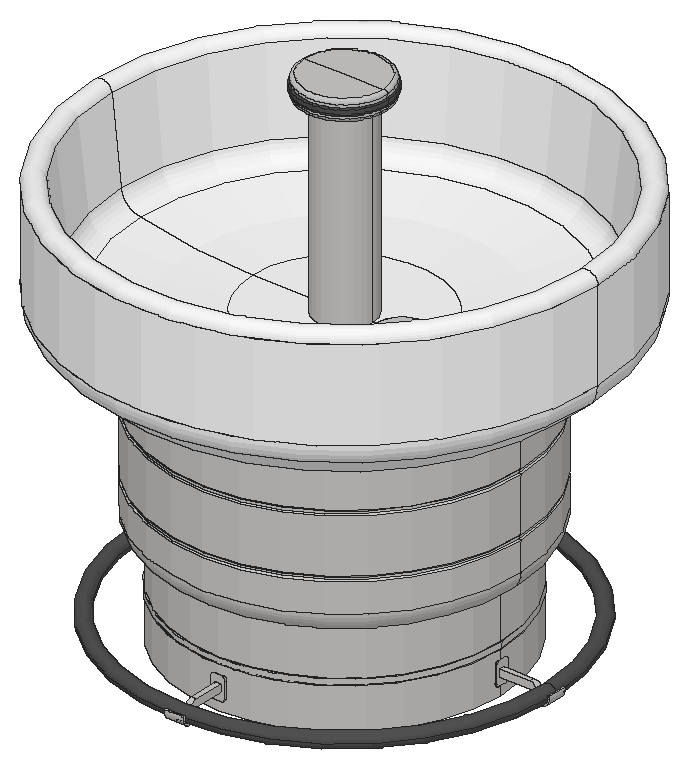
Revit family "Washfountain_Lavatory-Bradley_Corp-WF2605-Type_H_Drain", category Plumbing Fixtures, Revit 2012 (continued)
Automatic sketch dimensions
  plane 3 "Center (Left/Right)" to Masking region 28 sketch curve = 3.52868"
  plane 3 "Center (Left/Right)" to Masking region 28 sketch curve = 5.500"
  Masking region 28 sketch curve to plane 1 "Center (Front/Back)" = 3.13814"  (x2)
  Masking region 28 sketch curve to Masking region 28 sketch curve = 0.06458"  (x2)
  Masking region 28 sketch curve to plane 1 "Center (Front/Back)" = 1.13814"  (x2)
  Masking region 28 sketch curve to Masking region 28 sketch curve = 3.4641"
  Masking region 28 sketch curve to plane 3 "Center (Left/Right)" = 0.06458"
  Masking region 28 sketch curve to plane 3 "Center (Left/Right)" = 3.52868"
  Masking region 28 sketch curve to plane 3 "Center (Left/Right)" = 5.500"
  Masking region 28 sketch curve to Masking region 28 sketch curve = 0.11186"  (x2)
  Masking region 28 sketch curve to Masking region 28 sketch curve = 4.000"
  curve 169 to plane 1 "Center (Front/Back)" = 2.26314"
  plane 3 "Center (Left/Right)" to curve 169 = 7.08013"
  curve 169 to curve 166 = 1.51554"
  curve 166 to curve 165 = 0.06458"
  curve 167 to curve 165 = 0.000"
  plane 3 "Center (Left/Right)" to curve 169 = 1.58013"
  plane 3 "Center (Left/Right)" to curve 166 = 0.06458"
  curve 164 to plane 3 "Center (Left/Right)" = 0.06458"
  curve 168 to plane 3 "Center (Left/Right)" = 1.58013"
  curve 167 to plane 3 "Center (Left/Right)" = 5.500"
  curve 165 to curve 167 = 0.000"
  curve 165 to curve 164 = 0.06458"
  curve 168 to plane 1 "Center (Front/Back)" = 2.26314"
  curve 164 to curve 168 = 1.51554"
  curve 164 to curve 168 = 0.875"  (x2)
  curve 166 to curve 169 = 0.875"  (x2)
  curve 165 to curve 164 = 0.11186"
  curve 167 to curve 165 = 1.750"
  plane 1 "Center (Front/Back)" to curve 166 = 6.38814"
  curve 164 to curve 166 = 0.000"
  Masking region 29 sketch curve to plane 1 "Center (Front/Back)" = 0.000"
  Masking region 29 sketch curve to plane 3 "Center (Left/Right)" = 0.000"
  curve 170 to plane 1 "Center (Front/Back)" = 0.000"
  curve 170 to plane 3 "Center (Left/Right)" = 0.000"
  Masking region 30 sketch curve to plane 1 "Center (Front/Back)" = 0.000"
  Masking region 30 sketch curve to plane 3 "Center (Left/Right)" = 0.000"
  Masking region 31 sketch curve to plane 1 "Center (Front/Back)" = 0.000"
  Masking region 31 sketch curve to plane 3 "Center (Left/Right)" = 0.000"
  Masking region 32 sketch curve to curve 14 = 0.000"
  curve 14 to Masking region 32 sketch curve = 6.47131"
  Masking region 32 sketch curve to Masking region 32 sketch curve = 1.40286"  (x2)
  Masking region 32 sketch curve to Masking region 32 sketch curve = 22.25166"
  Masking region 32 sketch curve to curve 14 = 9.60015"
  curve 14 to Masking region 32 sketch curve = 9.60015"
  Masking region 32 sketch curve to Masking region 32 sketch curve = 5.39985"
  Revolve 17 sketch curve to curve 14 = 0.000"
  Revolve 17 sketch curve to Revolve 17 sketch curve = 0.000"
  curve 14 to Revolve 17 sketch curve = 7.87417"
  Revolve 17 sketch curve to Revolve 17 sketch curve = 1.40286"
  Revolve 17 sketch curve to curve 14 = 12.22916"
  Revolve 17 sketch curve to Revolve 17 sketch curve = 6.77084"
  Revolve 17 sketch curve to Revolve 17 sketch curve = 3.52552"
  Revolve 17 sketch curve to Revolve 17 sketch curve = 2.47448"
  Masking region 33 sketch curve to curve 14 = 0.000"
  curve 14 to Masking region 33 sketch curve = 6.47131"
  Masking region 33 sketch curve to Masking region 33 sketch curve = 1.40286"  (x2)
  Masking region 33 sketch curve to Masking region 33 sketch curve = 22.25166"
  Masking region 33 sketch curve to curve 14 = 12.22916"
  Masking region 33 sketch curve to Masking region 33 sketch curve = 6.77084"
  Extrusion 18 sketch curve to plane 1 "Center (Front/Back)" = 0.000"
  Extrusion 18 sketch curve to plane 3 "Center (Left/Right)" = 0.000"
  plane 3 "Center (Left/Right)" to Extrusion 18 sketch curve = 0.06458"
  plane 3 "Center (Left/Right)" to Extrusion 18 sketch curve = 5.500"
  Extrusion 18 sketch curve to Extrusion 18 sketch curve = 0.06458"  (x2)
  Extrusion 18 sketch curve to plane 3 "Center (Left/Right)" = 0.06458"
  Extrusion 18 sketch curve to plane 3 "Center (Left/Right)" = 5.500"
  Extrusion 18 sketch curve to plane 1 "Center (Front/Back)" = 3.13814"  (x2)
  Extrusion 18 sketch curve to Extrusion 18 sketch curve = 0.11186"
  plane 1 "Center (Front/Back)" to Extrusion 18 sketch curve = 6.38814"
  Extrusion 19 sketch curve to Extrusion 19 sketch curve = 0.000"  (x2)
  Extrusion 19 sketch curve to plane 1 "Center (Front/Back)" = 0.000"
  Extrusion 19 sketch curve to plane 3 "Center (Left/Right)" = 0.000"
  plane 3 "Center (Left/Right)" to Extrusion 19 sketch curve = 0.06458"
  Extrusion 19 sketch curve to Extrusion 19 sketch curve = 2.000"
  Extrusion 19 sketch curve to Extrusion 19 sketch curve = 3.500"  (x2)
  Extrusion 19 sketch curve to Extrusion 19 sketch curve = 0.06458"  (x2)
  Extrusion 19 sketch curve to plane 3 "Center (Left/Right)" = 0.06458"
  Extrusion 19 sketch curve to plane 1 "Center (Front/Back)" = 3.13814"  (x2)
  Extrusion 19 sketch curve to Extrusion 19 sketch curve = 0.11186"
  plane 1 "Center (Front/Back)" to Extrusion 19 sketch curve = 6.38814"
  Sweep 20 sketch curve to profile plane = 0.000"
  profile plane to Sweep 20 sketch curve = 1.425"
  Extrusion 21 sketch curve to Extrusion 21 sketch curve = 0.000"  (x5)
  level to Extrusion 21 sketch curve = 1.57982"
  plane 11 to Extrusion 21 sketch curve = 2.90732"
  Extrusion 21 sketch curve to Extrusion 21 sketch curve = 0.04831"
  Extrusion 21 sketch curve to Extrusion 21 sketch curve = 0.48307"
  Extrusion 21 sketch curve to Extrusion 21 sketch curve = 0.48846"
  Extrusion 21 sketch curve to Extrusion 21 sketch curve = 0.04885"
  Extrusion 21 sketch curve to Extrusion 21 sketch curve = 0.0129"
  Extrusion 22 sketch curve to Extrusion 22 sketch curve = 0.000"  (x3)
  level to Extrusion 22 sketch curve = 0.825"
  plane 11 to Extrusion 22 sketch curve = 3.487"
  Extrusion 22 sketch curve to Extrusion 22 sketch curve = 0.19771"
  Extrusion 22 sketch curve to Extrusion 22 sketch curve = 0.600"
  Extrusion 22 sketch curve to Extrusion 22 sketch curve = 0.45214"
  Extrusion 22 sketch curve to Extrusion 22 sketch curve = 0.14125"
  Extrusion 22 sketch curve to Extrusion 22 sketch curve = 2.19378"
  Extrusion 22 sketch curve to Extrusion 22 sketch curve = 0.34334"
  plane 1 "Center (Front/Back)" to Extrusion 23 sketch curve = 0.49684"
  plane 1 "Center (Front/Back)" to Extrusion 23 sketch curve = 0.24684"  (x2)
  plane 1 "Center (Front/Back)" to Extrusion 23 sketch curve = 0.2403"
  Extrusion 23 sketch curve to plane 1 "Center (Front/Back)" = 0.2403"
  Extrusion 23 sketch curve to plane 1 "Center (Front/Back)" = 0.25316"  (x2)
  Extrusion 23 sketch curve to Extrusion 23 sketch curve = 0.250"
  level to Extrusion 23 sketch curve = 0.71062"
  Extrusion 23 sketch curve to Extrusion 23 sketch curve = 0.2684"  (x2)
  Extrusion 23 sketch curve to Extrusion 23 sketch curve = 0.5882"
  Extrusion 24 sketch curve to Extrusion 24 sketch curve = 0.000"  (x5)
  level to Extrusion 24 sketch curve = 1.57982"
  Extrusion 24 sketch curve to plane 14 = 2.90732"
  Extrusion 24 sketch curve to Extrusion 24 sketch curve = 0.04831"
  Extrusion 24 sketch curve to Extrusion 24 sketch curve = 0.48307"
  Extrusion 24 sketch curve to Extrusion 24 sketch curve = 0.48846"
  Extrusion 24 sketch curve to Extrusion 24 sketch curve = 0.04885"
  Extrusion 24 sketch curve to Extrusion 24 sketch curve = 0.0129"
  Extrusion 25 sketch curve to Extrusion 25 sketch curve = 0.000"  (x3)
  level to Extrusion 25 sketch curve = 0.825"
  Extrusion 25 sketch curve to plane 14 = 3.487"
  Extrusion 25 sketch curve to Extrusion 25 sketch curve = 0.19771"
  Extrusion 25 sketch curve to Extrusion 25 sketch curve = 0.600"
  Extrusion 25 sketch curve to Extrusion 25 sketch curve = 0.45214"
  Extrusion 25 sketch curve to Extrusion 25 sketch curve = 0.14125"
  Extrusion 25 sketch curve to Extrusion 25 sketch curve = 2.19378"
  Extrusion 25 sketch curve to Extrusion 25 sketch curve = 0.34334"
  plane 3 "Center (Left/Right)" to Extrusion 26 sketch curve = 0.50316"
  plane 3 "Center (Left/Right)" to Extrusion 26 sketch curve = 0.25316"  (x2)
  plane 3 "Center (Left/Right)" to Extrusion 26 sketch curve = 0.2403"
  Extrusion 26 sketch curve to plane 3 "Center (Left/Right)" = 0.2403"
  Extrusion 26 sketch curve to plane 3 "Center (Left/Right)" = 0.24684"  (x2)
  Extrusion 26 sketch curve to Extrusion 26 sketch curve = 0.250"
  level to Extrusion 26 sketch curve = 0.71062"
  Extrusion 26 sketch curve to Extrusion 26 sketch curve = 0.2684"  (x2)
  Extrusion 26 sketch curve to Extrusion 26 sketch curve = 0.5882"
  Extrusion 27 sketch curve to Extrusion 27 sketch curve = 0.000"  (x5)
  level to Extrusion 27 sketch curve = 1.57982"
  Extrusion 27 sketch curve to plane 12 = 2.90732"
  Extrusion 27 sketch curve to Extrusion 27 sketch curve = 0.04831"
  Extrusion 27 sketch curve to Extrusion 27 sketch curve = 0.48307"
  Extrusion 27 sketch curve to Extrusion 27 sketch curve = 0.48846"
  Extrusion 27 sketch curve to Extrusion 27 sketch curve = 0.04885"
  Extrusion 27 sketch curve to Extrusion 27 sketch curve = 0.0129"
  Extrusion 28 sketch curve to Extrusion 28 sketch curve = 0.000"  (x3)
  level to Extrusion 28 sketch curve = 0.825"
  Extrusion 28 sketch curve to plane 12 = 3.487"
  Extrusion 28 sketch curve to Extrusion 28 sketch curve = 0.19771"
  Extrusion 28 sketch curve to Extrusion 28 sketch curve = 0.600"
  Extrusion 28 sketch curve to Extrusion 28 sketch curve = 0.45214"
  Extrusion 28 sketch curve to Extrusion 28 sketch curve = 0.14125"
  Extrusion 28 sketch curve to Extrusion 28 sketch curve = 2.19378"
  Extrusion 28 sketch curve to Extrusion 28 sketch curve = 0.34334"
  plane 1 "Center (Front/Back)" to Extrusion 29 sketch curve = 0.50316"
  plane 1 "Center (Front/Back)" to Extrusion 29 sketch curve = 0.25316"  (x2)
  plane 1 "Center (Front/Back)" to Extrusion 29 sketch curve = 0.2403"
  Extrusion 29 sketch curve to plane 1 "Center (Front/Back)" = 0.2403"
  Extrusion 29 sketch curve to plane 1 "Center (Front/Back)" = 0.24684"  (x2)
  Extrusion 29 sketch curve to Extrusion 29 sketch curve = 0.250"
  level to Extrusion 29 sketch curve = 0.71062"
  Extrusion 29 sketch curve to Extrusion 29 sketch curve = 0.2684"  (x2)
  Extrusion 29 sketch curve to Extrusion 29 sketch curve = 0.5882"
  Extrusion 30 sketch curve to Extrusion 30 sketch curve = 0.000"  (x5)
  level to Extrusion 30 sketch curve = 1.57982"
  plane 13 to Extrusion 30 sketch curve = 2.90732"
  Extrusion 30 sketch curve to Extrusion 30 sketch curve = 0.04831"
  Extrusion 30 sketch curve to Extrusion 30 sketch curve = 0.48307"
  Extrusion 30 sketch curve to Extrusion 30 sketch curve = 0.48846"
  Extrusion 30 sketch curve to Extrusion 30 sketch curve = 0.04885"
  Extrusion 30 sketch curve to Extrusion 30 sketch curve = 0.0129"
  Extrusion 31 sketch curve to Extrusion 31 sketch curve = 0.000"  (x3)
  level to Extrusion 31 sketch curve = 0.825"
  plane 13 to Extrusion 31 sketch curve = 3.487"
  Extrusion 31 sketch curve to Extrusion 31 sketch curve = 0.19771"
  Extrusion 31 sketch curve to Extrusion 31 sketch curve = 0.600"
  Extrusion 31 sketch curve to Extrusion 31 sketch curve = 0.45214"
  Extrusion 31 sketch curve to Extrusion 31 sketch curve = 0.14125"
  Extrusion 31 sketch curve to Extrusion 31 sketch curve = 2.19378"
  Extrusion 31 sketch curve to Extrusion 31 sketch curve = 0.34334"
  Extrusion 32 sketch curve to plane 3 "Center (Left/Right)" = 0.50316"
  Extrusion 32 sketch curve to plane 3 "Center (Left/Right)" = 0.25316"  (x2)
  Extrusion 32 sketch curve to plane 3 "Center (Left/Right)" = 0.2403"
  plane 3 "Center (Left/Right)" to Extrusion 32 sketch curve = 0.2403"
  plane 3 "Center (Left/Right)" to Extrusion 32 sketch curve = 0.24684"  (x2)
  Extrusion 32 sketch curve to Extrusion 32 sketch curve = 0.250"
  level to Extrusion 32 sketch curve = 0.71062"
  Extrusion 32 sketch curve to Extrusion 32 sketch curve = 0.2684"  (x2)
  Extrusion 32 sketch curve to Extrusion 32 sketch curve = 0.5882"
  Masking region 34 sketch curve to Masking region 34 sketch curve = 0.000"  (x8)
  level to Masking region 34 sketch curve = 1.57982"
  plane 11 to Masking region 34 sketch curve = 2.90732"
  Masking region 34 sketch curve to Masking region 34 sketch curve = 0.04831"  (x2)
  Masking region 34 sketch curve to Masking region 34 sketch curve = 0.48307"  (x2)
  Masking region 34 sketch curve to Masking region 34 sketch curve = 0.19771"  (x2)
  Masking region 34 sketch curve to Masking region 34 sketch curve = 0.69778"
  Masking region 34 sketch curve to plane 3 "Center (Left/Right)" = 0.67078"
  Masking region 34 sketch curve to plane 3 "Center (Left/Right)" = 0.50316"
  Masking region 34 sketch curve to Masking region 34 sketch curve = 0.2076"  (x2)
  Masking region 34 sketch curve to plane 3 "Center (Left/Right)" = 0.25316"
  Masking region 34 sketch curve to Masking region 34 sketch curve = 0.21002"  (x2)
  plane 3 "Center (Left/Right)" to Masking region 34 sketch curve = 0.25316"  (x2)
  Masking region 34 sketch curve to Masking region 34 sketch curve = 0.250"
  level to Masking region 34 sketch curve = 0.925"
  Masking region 34 sketch curve to plane 12 = 4.18478"
  Masking region 34 sketch curve to Masking region 34 sketch curve = 0.50007"
  level to Masking region 34 sketch curve = 0.825"  (x2)
  Masking region 34 sketch curve to Masking region 34 sketch curve = 0.100"  (x3)
  Masking region 34 sketch curve to Masking region 34 sketch curve = 0.11438"
  Masking region 34 sketch curve to Masking region 34 sketch curve = 0.5049"
  Masking region 34 sketch curve to Masking region 34 sketch curve = 0.16062"
  plane 1 "Center (Front/Back)" to Extrusion 33 sketch curve = 0.50316"
  plane 1 "Center (Front/Back)" to Extrusion 33 sketch curve = 0.25316"  (x2)
  plane 1 "Center (Front/Back)" to Extrusion 33 sketch curve = 0.2403"
  Extrusion 33 sketch curve to plane 1 "Center (Front/Back)" = 0.2403"
  Extrusion 33 sketch curve to plane 1 "Center (Front/Back)" = 0.24684"  (x2)
  Extrusion 33 sketch curve to Extrusion 33 sketch curve = 0.250"
  level to Extrusion 33 sketch curve = 0.71062"
  Extrusion 33 sketch curve to Extrusion 33 sketch curve = 0.2684"  (x2)
  Extrusion 33 sketch curve to Extrusion 33 sketch curve = 0.5882"
  level to Masking region 35 sketch curve = 1.925"
  plane 11 to Masking region 35 sketch curve = 3.487"
  Masking region 35 sketch curve to plane 12 = 3.487"
  Masking region 35 sketch curve to Masking region 35 sketch curve = 0.500"
  Masking region 36 sketch curve to Masking region 36 sketch curve = 0.000"  (x8)
  level to Masking region 36 sketch curve = 1.57982"
  plane 13 to Masking region 36 sketch curve = 2.90732"
  Masking region 36 sketch curve to Masking region 36 sketch curve = 0.04831"  (x2)
  Masking region 36 sketch curve to Masking region 36 sketch curve = 0.48307"  (x2)
  Masking region 36 sketch curve to Masking region 36 sketch curve = 0.19771"  (x2)
  Masking region 36 sketch curve to Masking region 36 sketch curve = 0.69778"
  plane 1 "Center (Front/Back)" to Masking region 36 sketch curve = 0.67078"
  plane 1 "Center (Front/Back)" to Masking region 36 sketch curve = 0.50316"
  Masking region 36 sketch curve to Masking region 36 sketch curve = 0.2076"  (x2)
  Masking region 36 sketch curve to Masking region 36 sketch curve = 0.21002"  (x2)
  Masking region 36 sketch curve to Masking region 36 sketch curve = 0.250"  (x2)
  Masking region 36 sketch curve to plane 1 "Center (Front/Back)" = 0.25316"  (x2)
  level to Masking region 36 sketch curve = 0.925"  (x2)
  Masking region 36 sketch curve to plane 14 = 4.18478"
  Masking region 36 sketch curve to Masking region 36 sketch curve = 0.50007"
  Masking region 36 sketch curve to Masking region 36 sketch curve = 0.100"  (x4)
  Masking region 36 sketch curve to Masking region 36 sketch curve = 0.11438"
  Masking region 36 sketch curve to Masking region 36 sketch curve = 0.5049"
  Masking region 36 sketch curve to Masking region 36 sketch curve = 0.16062"
  plane 13 to Masking region 37 sketch curve = 3.487"
  level to Masking region 37 sketch curve = 1.925"
  Masking region 37 sketch curve to plane 14 = 3.487"
  Masking region 37 sketch curve to Masking region 37 sketch curve = 0.500"
  curve 52 to curve 45 = 0.000"
  curve 48 to curve 45 = 0.000"
  curve 49 to curve 52 = 0.000"
  curve 49 to curve 50 = 0.08719"  (x2)
  curve 48 to curve 55 = 0.08719"
  curve 51 to curve 50 = 0.000"
  curve 47 to curve 55 = 0.000"
  curve 46 to curve 55 = 0.000"
  curve 54 to curve 50 = 0.000"  (x2)
  curve 53 to curve 51 = 1.31567"
  curve 50 to curve 51 = 0.000"
  curve 46 to curve 50 = 0.000"
  curve 47 to curve 46 = 0.000"
  curve 55 to curve 47 = 0.000"
  curve 50 to curve 49 = 0.08719"
  curve 46 to curve 45 = 0.08719"
  curve 47 to curve 48 = 0.08719"  (x2)
  curve 51 to curve 52 = 0.08719"  (x2)
  curve 45 to curve 46 = 0.08719"
  curve 46 to curve 55 = 0.06165"
  curve 55 to curve 47 = 0.06165"
  curve 48 to curve 49 = 3.00695"
  curve 50 to curve 54 = 0.06165"
  curve 54 to curve 51 = 0.06165"
  curve 52 to curve 53 = 2.79334"
  curve 14 to Revolve 1 sketch curve = 0.00013"
  Revolve 1 sketch curve to Revolve 1 sketch curve = 0.000"  (x2)
  curve 14 to Revolve 1 sketch curve = 7.87417"
  Revolve 1 sketch curve to Revolve 1 sketch curve = 0.03572"
  Revolve 1 sketch curve to Revolve 1 sketch curve = 1.31567"  (x2)
  Revolve 1 sketch curve to Revolve 1 sketch curve = 0.08719"  (x6)
  Revolve 1 sketch curve to Revolve 1 sketch curve = 1.40286"
  curve 14 to Revolve 1 sketch curve = 3.20448"
  Revolve 1 sketch curve to Revolve 1 sketch curve = 0.12331"  (x2)
  Revolve 1 sketch curve to Revolve 1 sketch curve = 3.00695"
  Revolve 1 sketch curve to Revolve 1 sketch curve = 1.39048"
  Revolve 1 sketch curve to Revolve 1 sketch curve = 1.94685"
  Revolve 1 sketch curve to Revolve 1 sketch curve = 0.04651"
  Revolve 1 sketch curve to Revolve 1 sketch curve = 0.40685"
  Revolve 1 sketch curve to Revolve 1 sketch curve = 0.04664"
  Revolve 1 sketch curve to Revolve 1 sketch curve = 2.953"
  Revolve 1 sketch curve to Revolve 1 sketch curve = 3.047"
  Revolve 1 sketch curve to curve 14 = 7.453"
  curve 11 to curve 12 = 1.40286"
  curve 12 to curve 13 = 0.000"
  Extrusion 7 sketch curve to plane 4 "Towel Dispenser" = 0.000"
  Extrusion 7 sketch curve to Extrusion 7 sketch curve = 2.250"
  Extrusion 7 sketch curve to Extrusion 7 sketch curve = 1.750"
  Extrusion 8 sketch curve to plane 4 "Towel Dispenser" = 0.000"
  Extrusion 8 sketch curve to Extrusion 8 sketch curve = 2.250"
  Extrusion 8 sketch curve to Extrusion 8 sketch curve = 1.750"
  Extrusion 9 sketch curve to plane 4 "Towel Dispenser" = 0.000"
  Extrusion 9 sketch curve to Extrusion 9 sketch curve = 2.250"
  Extrusion 9 sketch curve to Extrusion 9 sketch curve = 1.750"
  Masking region 13 sketch curve to curve 68 = 0.00086"
  Masking region 13 sketch curve to curve 68 = 6.20573"
  Masking region 13 sketch curve to curve 68 = 5.80997"
  curve 68 to Masking region 13 sketch curve = 0.80997"
  curve 68 to Masking region 13 sketch curve = 1.20573"
  curve 68 to Masking region 14 sketch curve = 0.37529"  (x2)
  Masking region 14 sketch curve to curve 68 = 6.13969"
  Masking region 14 sketch curve to Masking region 14 sketch curve = 0.12563"  (x2)
  Masking region 14 sketch curve to Masking region 14 sketch curve = 0.03107"  (x2)
  Masking region 14 sketch curve to Masking region 14 sketch curve = 0.05262"  (x4)
  Masking region 14 sketch curve to Masking region 14 sketch curve = 0.06777"  (x2)
  Masking region 14 sketch curve to curve 68 = 0.00086"
  Masking region 14 sketch curve to Masking region 14 sketch curve = 1.99988"
  Masking region 14 sketch curve to Masking region 14 sketch curve = 2.04174"
  Masking region 14 sketch curve to curve 68 = 1.23176"
  Masking region 14 sketch curve to curve 68 = 0.86019"
  curve 68 to Masking region 14 sketch curve = 0.80997"
  Masking region 14 sketch curve to Masking region 14 sketch curve = 0.60765"  (x2)
  Masking region 14 sketch curve to Masking region 14 sketch curve = 1.250"  (x3)
  Masking region 14 sketch curve to curve 68 = 4.14235"
  Masking region 14 sketch curve to curve 68 = 2.89235"
  Masking region 14 sketch curve to curve 68 = 1.64235"
  Masking region 14 sketch curve to Masking region 14 sketch curve = 0.62518"  (x2)
  Masking region 15 sketch curve to plane 7 "Rim Height" = 0.000"
  Masking region 15 sketch curve to plane 6 "Spray Head" = 0.44548"  (x2)
  Masking region 15 sketch curve to plane 3 "Center (Left/Right)" = 3.12875"
  Masking region 15 sketch curve to Masking region 15 sketch curve = 0.34375"  (x3)
  Masking region 15 sketch curve to plane 6 "Spray Head" = 0.00048"  (x2)
  Masking region 15 sketch curve to Masking region 15 sketch curve = 0.785"  (x3)
  plane 3 "Center (Left/Right)" to Masking region 15 sketch curve = 2.000"
  Masking region 15 sketch curve to plane 6 "Spray Head" = 1.39048"
  Masking region 15 sketch curve to Masking region 15 sketch curve = 0.945"
  Masking region 15 sketch curve to Masking region 15 sketch curve = 0.445"
  Masking region 15 sketch curve to Masking region 15 sketch curve = 0.500"
  curve 83 to Masking region 16 sketch curve = 0.94548"
  Masking region 16 sketch curve to curve 83 = 3.12875"
  Masking region 16 sketch curve to Masking region 16 sketch curve = 0.34375"  (x3)
  curve 83 to Masking region 16 sketch curve = 0.00048"
  Masking region 16 sketch curve to Masking region 16 sketch curve = 0.785"  (x2)
  curve 83 to Masking region 16 sketch curve = 2.000"
  Masking region 16 sketch curve to curve 83 = 1.215"
  Masking region 16 sketch curve to curve 83 = 0.94548"
  Masking region 16 sketch curve to Masking region 16 sketch curve = 0.445"  (x2)
  Masking region 16 sketch curve to curve 83 = 6.375"
  curve 83 to Masking region 16 sketch curve = 0.44548"  (x2)
  curve 83 to Masking region 17 sketch curve = 0.85173"
  Masking region 17 sketch curve to curve 83 = 3.12875"
  curve 83 to Masking region 17 sketch curve = 0.25048"
  Masking region 17 sketch curve to Masking region 17 sketch curve = 0.09375"  (x3)
  curve 83 to Masking region 17 sketch curve = 0.00048"
  Masking region 17 sketch curve to Masking region 17 sketch curve = 0.250"  (x3)
  Masking region 17 sketch curve to Masking region 17 sketch curve = 0.785"  (x2)
  curve 83 to Masking region 17 sketch curve = 2.000"
  Masking region 17 sketch curve to Masking region 17 sketch curve = 0.000"
  Masking region 17 sketch curve to Masking region 17 sketch curve = 0.695"
  Masking region 17 sketch curve to Masking region 17 sketch curve = 0.195"  (x2)
  Masking region 17 sketch curve to curve 83 = 6.375"
  Masking region 17 sketch curve to Masking region 17 sketch curve = 0.28875"  (x2)
  curve 83 to curve 89 = 0.94548"
  curve 89 to curve 83 = 3.12875"
  curve 84 to curve 89 = 0.000"
  curve 89 to curve 88 = 0.09375"
  curve 84 to curve 85 = 0.09375"
  curve 88 to curve 90 = 1.035"
  curve 83 to curve 90 = 2.000"
  curve 87 to curve 83 = 0.965"
  curve 85 to curve 87 = 0.000"
  curve 85 to curve 86 = 0.09375"
  curve 87 to curve 87 = 0.09375"
  curve 90 to curve 87 = 0.445"
  curve 83 to curve 86 = 0.44548"
  curve 110 to Extrusion 9 = 0.000"  (x3)
  Extrusion 9 to curve 111 = 2.60156"
  curve 111 to curve 111 = 1.000"
  Extrusion 9 to curve 111 = 1.95703"
  curve 112 to Extrusion 7 = 0.000"  (x3)
  Extrusion 7 to curve 113 = 2.60156"
  curve 113 to curve 113 = 1.000"
  Extrusion 7 to curve 113 = 1.95703"
  curve 114 to Extrusion 8 = 0.000"  (x3)
  Extrusion 8 to curve 115 = 2.60156"
  curve 115 to curve 115 = 1.000"
  Extrusion 8 to curve 115 = 1.95703"
  Split face 1 sketch curve to Extrusion 8 = 0.56844"
  Split face 1 sketch curve to Split face 1 sketch curve = 0.750"
  Split face 1 sketch curve to Extrusion 8 = 1.500"  (x2)
  Split face 2 sketch curve to Extrusion 9 = 0.56844"
  Split face 2 sketch curve to Split face 2 sketch curve = 0.750"
  Split face 2 sketch curve to Extrusion 9 = 1.500"  (x2)
  Split face 3 sketch curve to Extrusion 7 = 0.56844"
  Split face 3 sketch curve to Split face 3 sketch curve = 0.750"
  Split face 3 sketch curve to Extrusion 7 = 1.500"  (x2)
  Revolve 14 sketch curve to curve 157 = 0.000"
  Revolve 14 sketch curve to curve 157 = 0.500"
  Revolve 14 sketch curve to curve 157 = 0.60282"
  Revolve 14 sketch curve to Revolve 14 sketch curve = 1.64632"
  Revolve 14 sketch curve to Revolve 14 sketch curve = 0.17678"
  Revolve 14 sketch curve to Revolve 14 sketch curve = 0.000"  (x4)
  Revolve 14 sketch curve to Revolve 14 sketch curve = 0.60355"
  Revolve 14 sketch curve to Revolve 14 sketch curve = 0.176"
  curve 157 to Revolve 14 sketch curve = 0.34072"
  Revolve 14 sketch curve to Revolve 14 sketch curve = 0.1905"
  Revolve 14 sketch curve to Revolve 14 sketch curve = 0.01575"
  Revolve 14 sketch curve to Revolve 14 sketch curve = 0.074"
  Revolve 14 sketch curve to Revolve 14 sketch curve = 0.0755"
  Revolve 14 sketch curve to curve 157 = 1.28252"
  Revolve 14 sketch curve to Revolve 14 sketch curve = 1.13852"
  Revolve 14 sketch curve to curve 157 = 39.99275"
  Revolve 14 sketch curve to Revolve 14 sketch curve = 0.07322"
  Revolve 14 sketch curve to Revolve 14 sketch curve = 0.60277"
  Revolve 14 sketch curve to Revolve 14 sketch curve = 0.22469"
  Revolve 14 sketch curve to Revolve 14 sketch curve = 1.36148"
  Masking region 21 sketch curve to curve 157 = 0.000"
  curve 157 to Masking region 21 sketch curve = 0.56541"
  Masking region 21 sketch curve to curve 157 = 3.07537"
  Masking region 21 sketch curve to Masking region 21 sketch curve = 0.0755"
  Masking region 21 sketch curve to Masking region 21 sketch curve = 0.11925"
  Masking region 21 sketch curve to Masking region 21 sketch curve = 0.000"  (x7)
  Masking region 21 sketch curve to Masking region 21 sketch curve = 0.01575"  (x2)
  Masking region 21 sketch curve to Masking region 21 sketch curve = 0.074"
  Masking region 21 sketch curve to Masking region 21 sketch curve = 0.250"
  Masking region 21 sketch curve to Masking region 21 sketch curve = 0.60277"  (x3)
  Masking region 21 sketch curve to Masking region 21 sketch curve = 0.17678"  (x2)
  Masking region 21 sketch curve to curve 157 = 0.60282"
  Masking region 21 sketch curve to curve 157 = 0.500"
  curve 157 to Masking region 21 sketch curve = 1.28252"
  Masking region 21 sketch curve to Masking region 21 sketch curve = 0.43497"
  curve 157 to Masking region 21 sketch curve = 0.500"
  curve 157 to Masking region 21 sketch curve = 0.60282"
  Masking region 21 sketch curve to Masking region 21 sketch curve = 1.64632"
  Masking region 21 sketch curve to Masking region 21 sketch curve = 0.60355"
  Masking region 21 sketch curve to Masking region 21 sketch curve = 0.176"
  curve 157 to Masking region 21 sketch curve = 0.34072"
  Masking region 21 sketch curve to Masking region 21 sketch curve = 0.1905"
  Masking region 21 sketch curve to Masking region 21 sketch curve = 0.0595"
  Masking region 21 sketch curve to Masking region 21 sketch curve = 0.135"
  Masking region 21 sketch curve to curve 157 = 39.99275"
  Masking region 21 sketch curve to Masking region 21 sketch curve = 0.07322"  (x2)
  Masking region 21 sketch curve to Masking region 21 sketch curve = 0.22469"
  Masking region 21 sketch curve to Masking region 21 sketch curve = 0.13441"
  Revolve 15 sketch curve to curve 157 = 0.000"
  Revolve 15 sketch curve to curve 157 = 0.500"
  Revolve 15 sketch curve to Revolve 15 sketch curve = 1.74987"
  Revolve 15 sketch curve to Revolve 15 sketch curve = 0.8255"  (x2)
  Revolve 15 sketch curve to Revolve 15 sketch curve = 0.000"
  Revolve 15 sketch curve to Revolve 15 sketch curve = 1.22135"
  curve 157 to Revolve 15 sketch curve = 1.52865"
  Masking region 22 sketch curve to curve 157 = 0.000"
  Masking region 22 sketch curve to curve 157 = 3.07537"
  Masking region 22 sketch curve to Masking region 22 sketch curve = 0.8255"  (x4)
  Masking region 22 sketch curve to curve 157 = 0.500"
  curve 157 to Masking region 22 sketch curve = 0.500"
  Masking region 22 sketch curve to Masking region 22 sketch curve = 1.74987"
  curve 157 to Masking region 25 sketch curve = 3.500"
  Masking region 25 sketch curve to curve 157 = 0.500"
  curve 157 to Masking region 25 sketch curve = 0.500"
  Masking region 26 sketch curve to curve 68 = 2.000"
  curve 68 to Masking region 26 sketch curve = 2.000"
  Masking region 26 sketch curve to curve 68 = 8.500"
  curve 161 to curve 157 = 3.07537"
  curve 157 to curve 160 = 0.56541"
  curve 161 to curve 160 = 0.0755"
  curve 162 to curve 157 = 0.500"
  curve 157 to curve 162 = 0.500"
  curve 157 to curve 160 = 2.99987"
  curve 160 to curve 161 = 0.0755"
  curve 161 to curve 160 = 1.44948"
  curve 162 to curve 157 = 2.84038"
  Masking region 12 sketch curve to curve 14 = 0.000"
  curve 14 to Masking region 12 sketch curve = 3.20436"
  curve 14 to Masking region 12 sketch curve = 6.47131"
  Masking region 12 sketch curve to Masking region 12 sketch curve = 0.000"  (x3)
  Masking region 12 sketch curve to Masking region 12 sketch curve = 0.08719"  (x12)
  Masking region 12 sketch curve to Masking region 12 sketch curve = 1.36714"
  Masking region 12 sketch curve to Masking region 12 sketch curve = 0.03572"  (x3)
  Masking region 12 sketch curve to Masking region 12 sketch curve = 22.25166"
  curve 14 to Masking region 12 sketch curve = 11.547"
  curve 14 to Masking region 12 sketch curve = 12.00036"
  curve 14 to Masking region 12 sketch curve = 11.59351"
  Masking region 12 sketch curve to Masking region 12 sketch curve = 1.31567"  (x2)
  curve 14 to Masking region 12 sketch curve = 6.71949"
  curve 14 to Masking region 12 sketch curve = 6.80668"
  Masking region 12 sketch curve to curve 14 = 12.00036"
  Masking region 12 sketch curve to Masking region 12 sketch curve = 0.04664"  (x2)
  Masking region 12 sketch curve to Masking region 12 sketch curve = 2.953"
  Masking region 12 sketch curve to Masking region 12 sketch curve = 0.40685"
  Masking region 12 sketch curve to Masking region 12 sketch curve = 0.04347"
  Masking region 12 sketch curve to Masking region 12 sketch curve = 0.00305"
  Masking region 12 sketch curve to Masking region 12 sketch curve = 1.94697"  (x2)
  Masking region 12 sketch curve to Masking region 12 sketch curve = 1.39048"
  Masking region 12 sketch curve to Masking region 12 sketch curve = 0.12331"  (x3)
  Masking region 12 sketch curve to Masking region 12 sketch curve = 0.29769"
  Masking region 12 sketch curve to Masking region 12 sketch curve = 3.00695"
  plane 3 "Center (Left/Right)" to curve 13 = 0.48842"
  Masking region 7 sketch curve to Masking region 7 sketch curve = 0.000"  (x3)
  Masking region 7 sketch curve to Masking region 7 sketch curve = 0.08719"  (x13)
  Masking region 7 sketch curve to Masking region 7 sketch curve = 1.36714"
  Masking region 7 sketch curve to Masking region 7 sketch curve = 0.0357"
  Masking region 7 sketch curve to Masking region 7 sketch curve = 0.03572"  (x2)
  Masking region 7 sketch curve to Masking region 7 sketch curve = 0.00003"
  Masking region 7 sketch curve to Masking region 7 sketch curve = 1.31567"
  Masking region 7 sketch curve to Masking region 7 sketch curve = 3.40748"  (x2)
  Masking region 7 sketch curve to Masking region 7 sketch curve = 0.12331"  (x4)
  Masking region 7 sketch curve to Masking region 7 sketch curve = 3.00695"  (x2)
  Masking region 7 sketch curve to Masking region 7 sketch curve = 1.39048"  (x2)
  Masking region 7 sketch curve to Masking region 7 sketch curve = 1.94672"  (x2)
  Masking region 7 sketch curve to Masking region 7 sketch curve = 0.04651"  (x4)
  Masking region 7 sketch curve to Masking region 7 sketch curve = 0.40697"  (x2)
  Masking region 7 sketch curve to Masking region 7 sketch curve = 2.75012"
  curve 207 to curve 208 = 0.000"
  curve 210 to curve 208 = 0.000"
  curve 207 to curve 206 = 0.03572"
  curve 208 to curve 209 = 0.03572"
  curve 209 to curve 210 = 0.0357"
  curve 206 to curve 207 = 0.03572"
  curve 209 to curve 208 = 0.0357"
  curve 206 to curve 207 = 0.04651"
  curve 207 to curve 210 = 0.20349"
  curve 210 to curve 208 = 0.20349"
  curve 208 to curve 209 = 0.04651"
  curve 52 to curve 208 = 1.36714"
  curve 53 to curve 206 = 0.000"
  curve 206 to curve 53 = 0.000"
  curve 209 to curve 207 = 0.0357"
  curve 53 to curve 206 = 1.7442"
  Masking region 18 sketch curve to curve 95 = 0.000"  (x2)
  curve 95 to Masking region 18 sketch curve = 9.97132"
  Masking region 18 sketch curve to Masking region 18 sketch curve = 1.94856"
  Masking region 18 sketch curve to Masking region 18 sketch curve = 3.4641"  (x2)
  Masking region 18 sketch curve to Masking region 18 sketch curve = 5.08013"  (x2)
  Masking region 18 sketch curve to Masking region 18 sketch curve = 4.000"  (x2)
  Masking region 18 sketch curve to Masking region 18 sketch curve = 3.56458"  (x2)
  curve 95 to Masking region 18 sketch curve = 13.875"
  curve 108 to curve 128 = 0.000"
  curve 116 to curve 128 = 1.375"
  curve 128 to curve 116 = 11.97132"
  curve 128 to curve 98 = 11.97132"
  curve 104 to curve 118 = 0.97852"
  curve 104 to curve 120 = 1.17006"
  curve 123 to curve 123 = 0.55422"
  curve 122 to curve 128 = 0.29641"
  curve 123 to curve 122 = 0.55422"
  curve 123 to curve 123 = 0.10867"
  curve 98 to curve 116 = 2.750"
  curve 121 to curve 116 = 0.43861"
  curve 121 to curve 120 = 0.10867"
  curve 120 to curve 121 = 0.55422"
  curve 121 to curve 122 = 0.55422"
  curve 122 to curve 108 = 0.75018"
  curve 98 to curve 109 = 1.52868"
  curve 108 to curve 106 = 0.41987"
  curve 106 to curve 96 = 1.51554"
  curve 96 to curve 97 = 0.12917"
  curve 97 to curve 107 = 1.51554"
  curve 97 to curve 109 = 1.93542"
  curve 107 to curve 108 = 0.41987"
  curve 127 to curve 128 = 0.33667"
  curve 108 to curve 127 = 0.64152"
  curve 127 to curve 126 = 0.10867"
  curve 126 to curve 127 = 0.55422"
  curve 127 to curve 102 = 0.22428"
  curve 102 to curve 124 = 0.32994"
  curve 117 to curve 119 = 0.97852"
  curve 100 to curve 117 = 2.750"
  curve 117 to curve 126 = 0.4715"
  curve 126 to curve 125 = 0.55422"
  curve 125 to curve 124 = 0.55422"
  curve 125 to curve 125 = 0.10867"
  curve 117 to curve 101 = 2.750"
  curve 126 to curve 127 = 0.04026"
  curve 123 to curve 123 = 0.04026"
  curve 127 to curve 117 = 0.29641"
  curve 104 to curve 118 = 2.60156"
  curve 117 to curve 119 = 2.60156"
  curve 118 to curve 118 = 1.000"
  curve 119 to curve 119 = 1.000"
  curve 118 to curve 116 = 8.14844"
  curve 119 to curve 117 = 8.14844"
  curve 116 to curve 98 = 1.50033"
  curve 117 to curve 102 = 1.50033"
  curve 98 to curve 99 = 0.6875"
  Masking region 19 sketch curve to curve 140 = 0.000"  (x2)
  Masking region 19 sketch curve to curve 140 = 7.250"
  Masking region 19 sketch curve to Masking region 19 sketch curve = 2.250"
  Masking region 19 sketch curve to curve 140 = 3.250"
  Masking region 19 sketch curve to curve 140 = 2.000"
  curve 140 to Masking region 19 sketch curve = 2.000"  (x2)
  curve 140 to Masking region 19 sketch curve = 2.88814"
  curve 140 to Masking region 19 sketch curve = 3.76314"
  Masking region 19 sketch curve to curve 140 = 1.375"  (x2)
  Masking region 19 sketch curve to Masking region 19 sketch curve = 1.125"
  Masking region 19 sketch curve to curve 140 = 13.875"
  curve 140 to Masking region 19 sketch curve = 14.62533"
  Masking region 19 sketch curve to Masking region 19 sketch curve = 1.250"
  Masking region 19 sketch curve to Masking region 19 sketch curve = 1.000"
  curve 68 to curve 74 = 0.37529"
  curve 74 to curve 68 = 6.13969"
  curve 73 to curve 74 = 0.000"  (x2)
  curve 73 to curve 72 = 0.1567"
  curve 72 to curve 71 = 0.05262"
  curve 71 to curve 70 = 0.05262"
  curve 70 to curve 69 = 0.06777"
  curve 91 to curve 68 = 2.095"
  curve 68 to curve 91 = 2.095"
  curve 68 to curve 69 = 0.80997"
  curve 68 to curve 70 = 0.87775"
  curve 68 to curve 71 = 0.93037"
  curve 68 to curve 72 = 0.98298"
  curve 68 to curve 74 = 1.13969"
  curve 73 to curve 74 = 0.62518"
  curve 72 to curve 73 = 0.64189"
  curve 71 to curve 68 = 2.89235"
  curve 70 to curve 71 = 1.250"
  curve 69 to curve 70 = 1.250"
  Extrusion 34 sketch curve to plane 1 "Center (Front/Back)" = 0.000"
  plane 3 "Center (Left/Right)" to Extrusion 34 sketch curve = 4.000"
  Extrusion 35 sketch curve to Extrusion 35 sketch curve = 0.000"  (x6)
  Extrusion 35 sketch curve to plane 12 = 12.250"
  Extrusion 35 sketch curve to Extrusion 35 sketch curve = 0.87229"
  Extrusion 35 sketch curve to Extrusion 35 sketch curve = 0.25708"  (x6)
  Extrusion 35 sketch curve to Extrusion 35 sketch curve = 0.62063"  (x9)
  Extrusion 35 sketch curve to plane 1 "Center (Front/Back)" = 0.87771"
  Extrusion 35 sketch curve to Extrusion 35 sketch curve = 0.87771"
  curve 173 to curve 174 = 0.000"  (x2)
  curve 212 to curve 213 = 0.000"  (x2)
  curve 212 to curve 214 = 0.000"  (x2)
  curve 217 to plane 1 "Center (Front/Back)" = 0.000"
  curve 214 to plane 1 "Center (Front/Back)" = 0.000"
  curve 221 to plane 1 "Center (Front/Back)" = 0.000"
  curve 173 to plane 1 "Center (Front/Back)" = 0.000"
  curve 173 to plane 3 "Center (Left/Right)" = 0.000"
  curve 221 to curve 173 = 3.12229"
  curve 222 to curve 221 = 0.25708"
  curve 220 to curve 221 = 0.25708"
  curve 219 to curve 220 = 0.62063"
  curve 212 to curve 222 = 0.62063"
  curve 215 to curve 222 = 0.62063"
  curve 216 to curve 215 = 0.62063"
  curve 218 to curve 219 = 0.62063"
  curve 217 to curve 216 = 0.25708"
  curve 216 to plane 1 "Center (Front/Back)" = 0.62063"
  curve 222 to plane 1 "Center (Front/Back)" = 0.62063"
  curve 215 to curve 222 = 0.25708"
  plane 1 "Center (Front/Back)" to curve 218 = 0.62063"
  plane 1 "Center (Front/Back)" to curve 220 = 0.62063"
  curve 218 to curve 219 = 0.25708"
  plane 13 to curve 223 = 2.58778"
  curve 223 to curve 223 = 4.500"
  curve 91 to curve 68 = 6.000"
  Revolve 2 sketch curve to Revolve 2 sketch curve = 4.500"
  Revolve 2 sketch curve to Revolve 2 sketch curve = 2.000"
  Revolve 2 sketch curve to Revolve 2 sketch curve = 0.10901"
  Revolve 2 sketch curve to Revolve 2 sketch curve = 1.49178"
  Revolve 2 sketch curve to curve 1 = 0.59415"
  Revolve 2 sketch curve to Revolve 2 sketch curve = 0.64709"
  Revolve 2 sketch curve to Revolve 2 sketch curve = 0.562"
  Revolve 2 sketch curve to Revolve 2 sketch curve = 0.51639"
  Revolve 2 sketch curve to Revolve 2 sketch curve = 0.73361"
  Revolve 2 sketch curve to Revolve 2 sketch curve = 1.41421"
  Revolve 2 sketch curve to Revolve 2 sketch curve = 0.000"  (x2)
  Revolve 2 sketch curve to Revolve 2 sketch curve = 0.15679"
  Revolve 2 sketch curve to Revolve 2 sketch curve = 6.42149"
  Revolve 2 sketch curve to Revolve 2 sketch curve = 1.06235"
  Revolve 2 sketch curve to Revolve 2 sketch curve = 1.562"
  Revolve 2 sketch curve to Revolve 2 sketch curve = 6.188"
  Revolve 2 sketch curve to curve 1 = 8.69944"
  Revolve 2 sketch curve to Revolve 2 sketch curve = 0.9098"
  Revolve 2 sketch curve to Revolve 2 sketch curve = 0.58579"
  Revolve 10 sketch curve to curve 1 = 0.000"
  Revolve 10 sketch curve to Revolve 10 sketch curve = 2.000"
  Revolve 10 sketch curve to Revolve 10 sketch curve = 4.66201"
  Revolve 10 sketch curve to Revolve 10 sketch curve = 9.08188"
  Revolve 10 sketch curve to Revolve 10 sketch curve = 0.83495"
  Revolve 10 sketch curve to Revolve 10 sketch curve = 1.42116"
  Revolve 10 sketch curve to curve 1 = 2.07993"
  Revolve 10 sketch curve to Revolve 10 sketch curve = 1.05601"
  Revolve 10 sketch curve to Revolve 10 sketch curve = 1.562"
  Revolve 10 sketch curve to Revolve 10 sketch curve = 4.40579"
  Masking region 1 sketch curve to curve 1 = 0.000"
  Masking region 8 sketch curve to curve 61 = 0.000"
  curve 177 to curve 205 = 0.000"  (x2)
  curve 197 to curve 199 = 0.000"  (x2)
  level to curve 177 = 1.55401"
  plane 11 to curve 177 = 3.00393"
  curve 177 to curve 177 = 0.48307"
  curve 178 to curve 205 = 0.33166"
  curve 205 to curve 178 = 0.36611"
  curve 178 to curve 202 = 2.65367"
  curve 204 to curve 202 = 0.000"
  curve 201 to curve 204 = 0.000"
  curve 201 to curve 200 = 0.03572"
  curve 202 to curve 203 = 0.03572"
  curve 181 to plane 3 "Center (Left/Right)" = 0.67078"
  curve 181 to curve 179 = 0.16762"
  curve 181 to curve 180 = 0.2076"
  plane 3 "Center (Left/Right)" to curve 180 = 0.46318"
  plane 3 "Center (Left/Right)" to curve 179 = 0.50316"
  curve 179 to curve 183 = 0.16762"
  level to curve 200 = 3.453"
  curve 200 to plane 12 = 6.87417"
  curve 203 to curve 200 = 0.000"
  curve 200 to curve 204 = 0.03572"
  curve 203 to curve 202 = 0.03572"
  curve 200 to curve 201 = 0.03572"
  level to curve 198 = 0.925"
  curve 202 to curve 198 = 2.65367"
  curve 198 to curve 199 = 0.36611"
  curve 199 to curve 199 = 0.33166"
  curve 197 to curve 197 = 0.48307"
  level to curve 180 = 0.825"
  level to curve 205 = 0.825"
  curve 199 to curve 197 = 0.100"
  curve 180 to curve 181 = 0.100"
  curve 180 to curve 183 = 0.100"
  curve 181 to curve 182 = 0.69191"
  curve 182 to curve 179 = 0.30809"
  curve 203 to curve 200 = 0.500"
  curve 203 to curve 202 = 0.04664"
  curve 202 to curve 204 = 0.20342"
  curve 201 to curve 200 = 0.04651"
  Extrusion 38 sketch curve to plane 3 "Center (Left/Right)" = 1.000"
  plane 3 "Center (Left/Right)" to Extrusion 38 sketch curve = 1.000"
  Extrusion 38 sketch curve to plane 1 "Center (Front/Back)" = 4.500"
  Extrusion 38 sketch curve to Extrusion 38 sketch curve = 1.000"
  Masking region 1 sketch curve to curve 1 = 42.13744"
  Masking region 1 sketch curve to curve 1 = 6.13744"
  Masking region 8 sketch curve to curve 61 = 18.000"
  curve 61 to Masking region 8 sketch curve = 13.000"
  Revolve 39 sketch curve to Revolve 39 sketch curve = 0.000"
  Revolve 39 sketch curve to Revolve 39 sketch curve = 6.13971"
  Revolve 39 sketch curve to Revolve 39 sketch curve = 0.06598"
  Revolve 39 sketch curve to Revolve 39 sketch curve = 1.80338"
  Revolve 39 sketch curve to curve 2 = 1.69615"
  Masking region 2 sketch curve to curve 1 = 0.000"
  Masking region 2 sketch curve to curve 1 = 7.17157"
  Masking region 2 sketch curve to curve 1 = 42.13744"
  Masking region 2 sketch curve to Masking region 2 sketch curve = 0.000"  (x4)
  Masking region 2 sketch curve to Masking region 2 sketch curve = 0.58579"  (x2)
  Masking region 2 sketch curve to Masking region 2 sketch curve = 0.750"  (x2)
  Masking region 2 sketch curve to Masking region 2 sketch curve = 1.41421"  (x2)
  Masking region 2 sketch curve to Masking region 2 sketch curve = 1.97621"
  Masking region 2 sketch curve to curve 1 = 8.69944"
  Masking region 2 sketch curve to Masking region 2 sketch curve = 0.562"
  Masking region 2 sketch curve to curve 1 = 0.75008"
  Masking region 2 sketch curve to Masking region 2 sketch curve = 1.250"
  Masking region 2 sketch curve to Masking region 2 sketch curve = 0.00008"
  Masking region 2 sketch curve to Masking region 2 sketch curve = 1.66421"  (x2)
  Masking region 9 sketch curve to curve 61 = 0.000"
  curve 61 to Masking region 9 sketch curve = 0.74972"  (x2)
  Masking region 9 sketch curve to curve 61 = 18.000"
  Masking region 9 sketch curve to Masking region 9 sketch curve = 0.000"  (x4)
  Masking region 9 sketch curve to Masking region 9 sketch curve = 0.58579"  (x2)
  Masking region 9 sketch curve to Masking region 9 sketch curve = 0.72964"
  Masking region 9 sketch curve to Masking region 9 sketch curve = 1.41421"
  Masking region 9 sketch curve to Masking region 9 sketch curve = 1.98375"
  curve 61 to Masking region 9 sketch curve = 10.43046"
  Masking region 9 sketch curve to Masking region 9 sketch curve = 0.56954"
  Masking region 9 sketch curve to Masking region 9 sketch curve = 1.250"
  Masking region 9 sketch curve to Masking region 9 sketch curve = 0.02036"
  Masking region 9 sketch curve to Masking region 9 sketch curve = 6.42149"  (x2)
  Masking region 9 sketch curve to Masking region 9 sketch curve = 1.66457"
  Masking region 6 sketch curve to level = 0.000"
  Masking region 6 sketch curve to plane 14 = 5.47131"
  plane 13 to Masking region 6 sketch curve = 6.87417"
  level to Masking region 6 sketch curve = 5.19685"
  Masking region 6 sketch curve to plane 8 "Pedestal Height" = 4.20313"
  Masking region 7 sketch curve to level = 0.000"
  Masking region 7 sketch curve to plane 14 = 5.47131"
  plane 13 to Masking region 7 sketch curve = 6.87417"
  curve 45 to plane 14 = 5.47131"
  level to curve 206 = 3.45264"
  plane 13 to curve 206 = 6.87417"
  curve 14 to Masking region 33 sketch curve = 12.22916"
  curve 130 to curve 129 = 0.000"
  curve 131 to curve 129 = 0.000"
  curve 129 to curve 130 = 15.43542"
  curve 137 to curve 129 = 0.29641"
  curve 130 to curve 137 = 1.56458"
  curve 136 to curve 136 = 0.750"
  curve 134 to curve 129 = 1.375"
  curve 136 to curve 134 = 3.250"
  curve 138 to curve 129 = 0.6875"
  curve 138 to curve 131 = 2.31458"
  curve 139 to curve 134 = 2.02161"
  curve 138 to curve 138 = 0.750"
  curve 133 to curve 134 = 0.000"
  curve 135 to curve 139 = 2.89797"
  curve 139 to curve 139 = 1.000"
  curve 139 to curve 132 = 9.64877"
  curve 132 to curve 131 = 0.6875"
  curve 132 to curve 130 = 0.708"
  curve 2 to curve 67 = 0.37529"
  curve 2 to curve 67 = 11.99772"
  curve 66 to curve 67 = 0.000"
  curve 66 to curve 65 = 0.1567"
  curve 65 to curve 64 = 0.05262"
  curve 64 to curve 63 = 0.05262"
  curve 63 to curve 62 = 0.06777"
  curve 62 to curve 82 = 3.715"
  curve 82 to curve 82 = 4.190"
  curve 82 to curve 62 = 3.715"
  curve 62 to curve 63 = 0.06777"
  curve 63 to curve 64 = 0.05262"
  curve 64 to curve 65 = 0.05262"
  curve 65 to curve 66 = 0.1567"
  curve 67 to curve 66 = 0.000"
  curve 66 to curve 67 = 0.62518"
  curve 65 to curve 66 = 0.64189"
  curve 64 to curve 65 = 1.250"
  curve 63 to curve 64 = 1.250"
  curve 62 to curve 63 = 1.250"
  curve 82 to curve 62 = 0.60765"
  curve 149 to curve 223 = 0.000"
  curve 148 to curve 223 = 0.000"
  curve 143 to curve 223 = 0.000"
  curve 155 to curve 223 = 0.000"
  curve 149 to curve 223 = 14.16222"
  curve 149 to curve 148 = 0.11186"
  curve 148 to curve 143 = 0.875"
  curve 143 to curve 155 = 0.26314"
  curve 147 to curve 154 = 1.13814"
  curve 155 to curve 141 = 0.86186"
  curve 143 to curve 151 = 0.01927"
  curve 151 to curve 152 = 0.39728"
  curve 151 to curve 151 = 0.31998"
  curve 151 to curve 150 = 0.31998"
  curve 150 to curve 142 = 0.63832"
  curve 145 to curve 154 = 3.13814"
  curve 150 to curve 155 = 2.08162"
  curve 141 to curve 223 = 7.28722"
  curve 223 to curve 152 = 0.29641"
  curve 152 to curve 144 = 2.18152"
  curve 152 to curve 153 = 0.31998"
  curve 153 to curve 153 = 0.31998"
  curve 153 to curve 153 = 0.39728"
  curve 146 to curve 223 = 2.52408"
  curve 151 to curve 152 = 0.17192"
  curve 223 to curve 141 = 1.375"
  curve 142 to curve 150 = 2.89797"
  curve 142 to curve 142 = 1.000"
  curve 145 to curve 142 = 9.64877"
  curve 149 to curve 145 = 0.6875"
  curve 148 to curve 149 = 0.000"
  curve 154 to curve 145 = 0.6875"
  curve 223 to curve 141 = 10.375"
  curve 184 to curve 186 = 0.000"  (x2)
  curve 188 to curve 190 = 0.000"  (x2)
  plane 13 to curve 190 = 3.00393"
  curve 190 to curve 188 = 0.48307"
  curve 188 to curve 191 = 0.33166"
  curve 188 to curve 189 = 0.48846"
  curve 189 to curve 189 = 0.04885"
  curve 189 to curve 188 = 0.04885"
  curve 189 to curve 188 = 0.000"
  curve 191 to curve 191 = 0.36611"
  plane 1 "Center (Front/Back)" to curve 194 = 0.67078"
  curve 193 to curve 195 = 0.16762"
  curve 194 to curve 196 = 0.2076"
  curve 196 to plane 1 "Center (Front/Back)" = 0.46318"
  curve 195 to plane 1 "Center (Front/Back)" = 0.50316"
  curve 195 to curve 193 = 0.16762"
  level to curve 187 = 0.925"
  curve 187 to plane 14 = 4.18478"
  curve 187 to curve 184 = 0.11162"
  curve 185 to curve 184 = 0.000"
  curve 184 to curve 185 = 0.04885"
  curve 185 to curve 185 = 0.04885"
  curve 187 to curve 187 = 0.36611"
  curve 185 to curve 186 = 0.48846"
  curve 184 to curve 186 = 0.48307"
  level to curve 191 = 0.925"
  level to curve 194 = 0.925"
  curve 188 to curve 191 = 0.100"
  level to curve 196 = 0.825"
  curve 184 to curve 187 = 0.100"
  curve 196 to curve 192 = 0.100"
  curve 192 to curve 192 = 0.69191"
  curve 193 to curve 195 = 0.30809"
  curve 156 to Masking region 38 sketch curve = 1.8649"  (x2)
  curve 156 to Masking region 38 sketch curve = 0.8649"  (x2)
  Masking region 39 sketch curve to curve 156 = 3.07537"
  Masking region 39 sketch curve to Masking region 39 sketch curve = 0.0755"  (x2)
  curve 156 to Masking region 39 sketch curve = 1.1149"
  curve 156 to Masking region 39 sketch curve = 2.74987"
  Masking region 39 sketch curve to Masking region 39 sketch curve = 0.500"  (x2)
  curve 156 to Masking region 39 sketch curve = 1.6149"
  level to Masking region 40 sketch curve = 2.33562"
  plane 11 to Masking region 40 sketch curve = 6.78901"
  Masking region 40 sketch curve to Masking region 40 sketch curve = 0.000"  (x2)
  Masking region 40 sketch curve to Masking region 40 sketch curve = 0.08516"  (x2)
  level to Masking region 40 sketch curve = 0.925"
  Masking region 40 sketch curve to plane 12 = 6.87417"
  Masking region 40 sketch curve to Masking region 40 sketch curve = 0.06838"  (x2)
  level to Masking region 40 sketch curve = 0.71062"
  Masking region 40 sketch curve to Masking region 40 sketch curve = 0.21438"  (x2)
  Masking region 40 sketch curve to Masking region 40 sketch curve = 0.41062"  (x2)
  Masking region 40 sketch curve to Masking region 40 sketch curve = 1.000"
  level to Masking region 41 sketch curve = 2.33562"
  plane 13 to Masking region 41 sketch curve = 6.80579"
  Masking region 41 sketch curve to Masking region 41 sketch curve = 0.000"
  Masking region 41 sketch curve to Masking region 41 sketch curve = 0.06838"  (x3)
  level to Masking region 41 sketch curve = 0.71062"  (x2)
  Masking region 41 sketch curve to plane 14 = 6.87417"
  Masking region 41 sketch curve to Masking region 41 sketch curve = 0.00003"
  Masking region 41 sketch curve to Masking region 41 sketch curve = 0.06836"
  Masking region 41 sketch curve to Masking region 41 sketch curve = 0.21438"  (x2)
  Masking region 41 sketch curve to Masking region 41 sketch curve = 1.000"
  Masking region 41 sketch curve to Masking region 41 sketch curve = 0.41062"  (x2)
  radius of curve 175 = 14.513"
  radius of Extrusion 6 sketch curve = 2.000"
  radius of curve 171 = 2.785"
  radius of curve 172 = 3.035"
  radius of Extrusion 16 sketch curve = 2.000"
  radius of Masking region 27 sketch curve = 18.000"
  radius of Masking region 28 sketch curve = 2.000"
  radius of Masking region 29 sketch curve = 6.13971"
  radius of curve 170 = 4.13984"
  radius of Masking region 30 sketch curve = 4.57537"
  radius of Masking region 31 sketch curve = 3.12875"
  radius of Extrusion 18 sketch curve = 2.000"
  radius of Sweep 20 sketch curve = 0.500"
  radius of Extrusion 34 sketch curve = 1.750"
  radius of Extrusion 35 sketch curve = 0.1842"  (x9)
  radius of curve 211 to Extrusion 35 = 0.500"
  radius of curve 173 = 16.000"
  radius of curve 174 = 14.000"
  radius of curve 212 = 1.750"
  radius of curve 213 = 1.250"
  radius of curve 214 = 0.1842"
  radius of curve 215 = 0.1842"
  radius of curve 216 = 0.1842"
  radius of curve 217 = 0.1842"
  radius of curve 218 = 0.1842"
  radius of curve 219 = 0.1842"
  radius of curve 220 = 0.1842"
  radius of curve 221 = 0.1842"
  radius of curve 222 = 0.1842"
  radius of Extrusion 40 sketch curve = 0.500"
  radius of Extrusion 41 sketch curve = 0.500"
  radius of Extrusion 42 sketch curve = 0.250"
  radius of Extrusion 43 sketch curve = 0.250"
Connectors (in)
  piping at (-7.625, 2.5, 0), driven by "Hot Lavatory Inlet Radius", driven by "HWFU"
    settings: on Extrusion 36, index 1, connector radius 1/2", flow factor 0, pipe flow 0.0 GPM, pressure drop 0.0 psi, fitting loss kfactor 0, connector angle 0.00°, fixture units 0, engagement length 0.000", flow configuration 3, flow direction 1, fitting loss method 0, system type 19, joint type 0, gender type 0, connector reference index -1, connector utility 0, adjustable connector no, is connector primary yes, fitting loss table "", connector description "Hot Lavatory Inlet"
  piping at (7.625, 2.5, 0), driven by "Cold Lavatory Inlet Radius", driven by "CWFU"
    settings: on Extrusion 36, index 2, connector radius 1/2", flow factor 0, pipe flow 0.0 GPM, pressure drop 0.0 psi, fitting loss kfactor 0, connector angle 0.00°, fixture units 0, engagement length 0.000", flow configuration 3, flow direction 1, fitting loss method 0, system type 20, joint type 0, gender type 0, connector reference index -1, connector utility 0, adjustable connector no, is connector primary no, fitting loss table "", connector description "Cold Lavatory Inlet"
  piping at (-4, 0, 0), driven by "Drain Radius", driven by "WFU"
    settings: on Extrusion 38, index 3, connector radius 1", flow factor 0, pipe flow 0.0 GPM, pressure drop 0.0 psi, fitting loss kfactor 0, connector angle 0.00°, fixture units 0, engagement length 0.000", flow configuration 3, flow direction 2, fitting loss method 0, system type 16, joint type 0, gender type 0, connector reference index -1, connector utility 0, adjustable connector yes, is connector primary no, fitting loss table "", connector description "Drain"
  piping at (0, 0, 35.625), driven by "Vent Radius", driven by "WFU"
    settings: on Extrusion 37, index 4, connector radius 3/4", flow factor 0, pipe flow 0.0 GPM, pressure drop 0.0 psi, fitting loss kfactor 0, connector angle 0.00°, fixture units 0, engagement length 0.000", flow configuration 3, flow direction 1, fitting loss method 0, system type 16, joint type 0, gender type 0, connector reference index -1, connector utility 0, adjustable connector yes, is connector primary no, fitting loss table "", connector description "Vent"
  electrical at (0, 5, 0), driven by "Voltage"
    settings: on Extrusion 38, index 5, voltage 110 V, apparent load 0 VA, apparent load phase1 0 VA, apparent load phase2 0 VA, apparent load phase3 0 VA, power factor 1, load classification "Other", number of poles 1, system type 31, power factor state 1, is connector primary yes, connector utility no, sub classification motor no, connector description ""
Types (3): name | Vent Height | Towel Dispenser Height | Standard Height | Spray Head Height | Soap Dispenser Height | Sensor Module Height | Rim Height | Pedestal Height | Model ID | Juvenile Height
  (no name) | 35.625" | 49.500" | yes | 35.625" | 44.125" | 39.125" | 29.250" | 19.000" | 2 | no
  Juvenile | 31.625" | 45.500" | no | 31.625" | 40.125" | 35.125" | 25.250" | 15.000" | 1 | yes
  Standard | 35.625" | 49.500" | yes | 35.625" | 44.125" | 39.125" | 29.250" | 19.000" | 2 | no
